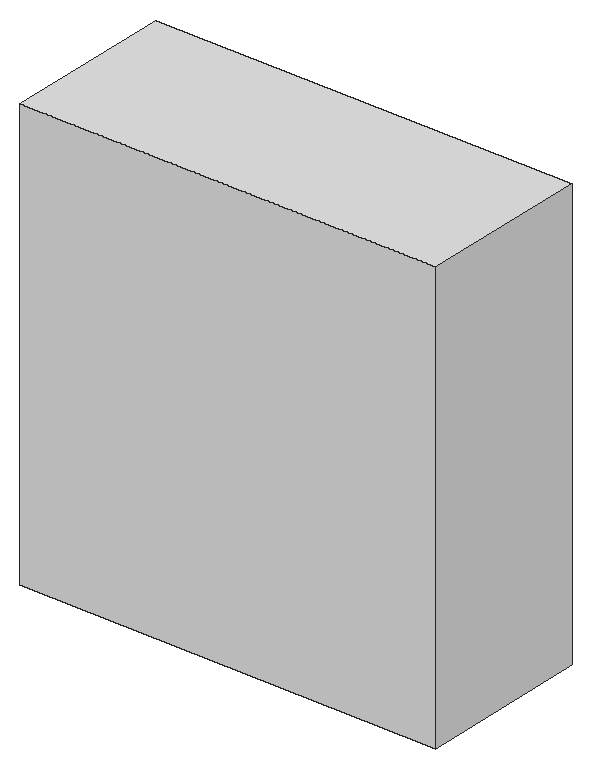
Revit family "OD_CW_Upper Cabinet", category Casework, Revit 2015
Parameters
  OD_CW_Width [instance] = 2' - 9"
  OD_CW_Off Floor [instance] = 3' - 2"
  OD_CW_Length [instance] = 6' - 9"
  OD_CW_Height [instance] = 7' - 0"
  Depth = 2' - 0"
  Height = 3' - 0"
  Width = 4' - 0"
Reference planes (in)
  plane 1 "Center (Left/Right)": x = 0.7377
  plane 2 "Left": x = -23.2623
  plane 3 "Right": x = 24.7377
  plane 4 "Front": y = -24
  plane 5 "Top": z = 122
  plane 6: x = 81.7377
  plane 7: y = 9
  plane 8: z = 38
Forms (in)
  Extrusion 1, solid
    sketch origin (24.7377, 0, 0) x (0, -1, 0) y (0, 0, 1)
      loop
        line (24, 122) -> (-9, 122) -> (-9, 38) -> (24, 38) -> (24, 122)
    from -57 to 24
Lines and regions (in)
  symbolic lines, style "InvisibleLines"
    curve 1: line (0.7377, 9, 0) -> (0.7377, -28, 0)
  symbolic lines, style "CaseworkHiddenLines"
    curve 2: line (0.7377, 9, 0) -> (81.7377, 9, 0)
    curve 3: line (0.7377, -24, 0) -> (0.7377, 9, 0)
    curve 4: line (81.7377, -24, 0) -> (0.7377, -24, 0)
    curve 5: line (81.7377, 9, 0) -> (81.7377, -24, 0)
Dimensions and locks (in)
  equal spacing: plane 2 "Left", plane 1 "Center (Left/Right)", plane 3 "Right"
  "OD_CW_Width": plane 4 "Front" to plane 7
  "OD_CW_Length": plane 1 "Center (Left/Right)" to plane 6
  "OD_CW_Height": plane 5 "Top" to plane 8
  "OD_CW_Off Floor": plane 8 to level
  locked: curve 1 to Extrusion 1 at 4
  aligned and locked: plane 5 "Top" to Extrusion 1 sketch curve
  aligned and locked: Extrusion 1 sketch curve to plane 4 "Front"
  aligned and locked: Extrusion 1 sketch curve to plane 7
  aligned and locked: Extrusion 1 to plane 1 "Center (Left/Right)"
  aligned and locked: plane 6 to Extrusion 1
  aligned and locked: plane 8 to Extrusion 1 sketch curve
  aligned and locked: curve 2 to plane 7
  aligned and locked: plane 1 "Center (Left/Right)" to curve 3
  aligned and locked: curve 4 to plane 4 "Front"
  aligned and locked: curve 5 to plane 6
